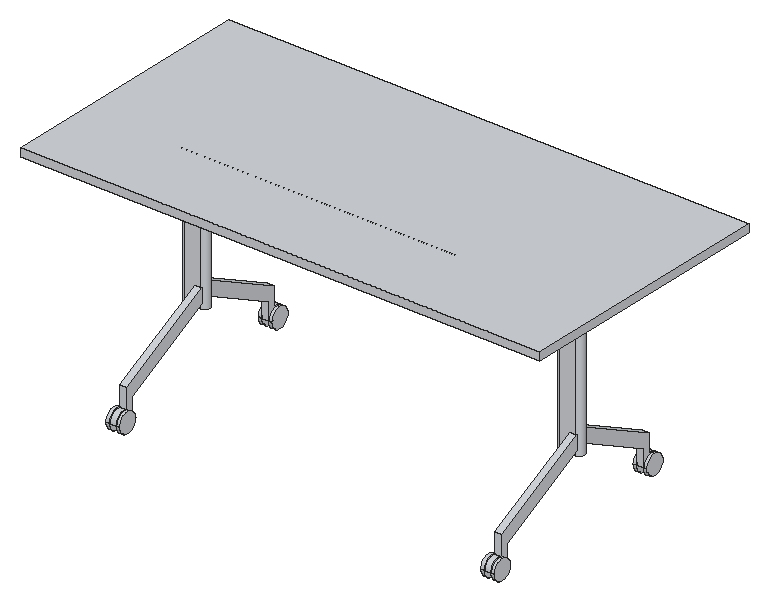
Revit family "Move", category Furniture, Revit 2015
Parameters (values of type "Move A16")
  Wheel material = none
  Uniclass 2.0 Description = ""
  Uniclass 2.0 Code = ""
  Uniclass 1.4 Description = ""
  Uniclass 1.4 Code = ""
  URL = "www.isku.fi"
  UNSPSC Code = ""
  Type Comments = "Available as antimicrobial"  # constant formula
  Talo 2000 Hankenimike = ""
  Table top thickness = 25 mm
  Table top material = none
  Table top depth = 800 mm
  Table top width = 1600 mm
  ProdLibID = ""
  NBS Reference Description = ""
  NBS Reference Code = ""
  Manufacturer = "Isku Oy"  # constant formula
  Leg material = none
  IFC Classification = ""
  EAN Code = ""
  COBIe Type Category = ""
  Author = "ProdLib Oy"  # constant formula
Types (5, lengths in mm): name | Wheel material | Table top material | Table top depth | Table top width | Leg material
  (no name) | none | none | 800 | 1600 | none
  Move A16 | none | none | 800 | 1600 | none
  Move A18 | none | none | 800 | 1800 | none
  Move C16 | none | none | 700 | 1600 | none
  Move C18 | Rubber plastic | White Plywood | 700 | 1800 | Silver
Reference planes
  plane 1 "Center (Front/Back)": y = 0
  plane 2: z = 0
  plane 3 "Center (Left/Right)": x = 0
  plane 4: y = 400
  plane 5: y = -400
  plane 6: x = 800
  plane 7: x = -800
  plane 8: z = 733
  plane 9: z = 708
Forms (mm)
  Extrusion 1, solid, material <- "Leg material"
    sketch origin (0, 0, 0) x (0, 1, 0) y (0, 0, 1)
      loop
        circle (0, 642.995) r 20.003
    from -624 to 624
  Extrusion 2, solid, material <- "Table top material"
    sketch origin (0, 0, 0) x (1, 0, 0) y (0, 1, 0)
      loop
        line (-800, 400) -> (-800, -400) -> (800, -400) -> (800, 400) -> (-800, 400)
    from 708 to 733
Lines and regions (mm)
  symbolic lines
    curve 1: line (800, 400, 0) -> (-800, 400, 0)
    curve 2: line (-800, 400, 0) -> (-800, -400, 0)
    curve 3: line (-800, -400, 0) -> (800, -400, 0)
    curve 4: line (800, -400, 0) -> (800, 400, 0)
Dimensions and locks
  equal spacing: plane 7, plane 3 "Center (Left/Right)", plane 6
  "Table top width": plane 7 to plane 6
  equal spacing: plane 4, plane 1 "Center (Front/Back)", plane 5
  "Table top depth": plane 4 to plane 5
  "Table top thickness": plane 8 to plane 9
  aligned and locked: level to plane 2
  aligned and locked: plane 7 to Extrusion 2 sketch curve
  aligned and locked: Extrusion 2 sketch curve to plane 4
  aligned and locked: Extrusion 2 sketch curve to plane 6
  aligned and locked: plane 5 to Extrusion 2 sketch curve
  aligned and locked: plane 8 to Extrusion 2
  aligned and locked: Extrusion 2 to plane 9
  aligned and locked: curve 1 to Extrusion 2
  aligned and locked: curve 2 to Extrusion 2
  aligned and locked: curve 3 to Extrusion 2
  aligned and locked: curve 4 to Extrusion 2
Automatic sketch dimensions
  Extrusion 1 sketch curve to Extrusion 1 sketch curve = 0 mm  (x2)
  Extrusion 1 sketch curve to plane 1 "Center (Front/Back)" = 0 mm
  level to Extrusion 1 sketch curve = 642.995 mm
  plane 1 "Center (Front/Back)" to Extrusion 1 sketch curve = 20.003 mm
Nested families
  nested 1: "Leg" at (594.5, -15, 0), Wheel material <- "Wheel material", Leg material <- "Leg material", type "Leg"
    with Wheel material none, Leg material none
  nested 2: "Leg" at (-558.5, -15, 0) x (-1, 0, 0) z (0, 0, 1), Wheel material <- "Wheel material", Leg material <- "Leg material", type "Leg"
    with Wheel material none, Leg material none
  nested 3: "Leg" at (558.5, 15, 0), Wheel material <- "Wheel material", Leg material <- "Leg material", type "Leg"
    with Wheel material none, Leg material none
  nested 4: "Leg" at (-594.5, 15, 0) x (-1, 0, 0) z (0, 0, 1), Wheel material <- "Wheel material", Leg material <- "Leg material", type "Leg"
    with Wheel material none, Leg material none
  nested 5: "Knee" at (576.5, 0, 0), Knee material <- "Leg material", type "Knee"
    with Knee material none
  nested 6: "Knee" at (-576.5, 0, 0) x (-1, 0, 0) z (0, 0, 1), Knee material <- "Leg material", type "Knee"
    with Knee material none
Definition of nested family "Leg"
  Parameters
    Wheel material [instance] = none
    Uniclass 2.0 Description = ""
    Uniclass 2.0 Code = ""
    Uniclass 1.4 Description = ""
    Uniclass 1.4 Code = ""
    URL = "www.isku.fi"
    UNSPSC Code = ""
    Talo 2000 Hankenimike = ""
    ProdLibID = ""
    NBS Reference Description = ""
    NBS Reference Code = ""
    Manufacturer = "Isku Oy"  # constant formula
    Leg material [instance] = none
    IFC Classification = ""
    EAN Code = ""
    COBIe Type Category = ""
    Author = "ProdLib Oy"  # constant formula
  Reference planes
    plane 1 "Center (Front/Back)": y = 0
    plane 2: z = 0
    plane 3 "Center (Left/Right)": x = 0
  Forms (mm)
    Extrusion 1, solid, material <- "Leg material"
      sketch origin (-558.5, 15, 0) x (0, -1, 0) y (0, 0, -1)
        loop
          line (285.567, -83.191) -> (15, -221.08) -> (15, -265.915) -> (305.429, -117.97) -> (305.567, -58.284)
          arc (305.567, -58.284) -> (332.887, -54.495) -> (345.567, -30) r 30
          line (345.567, -30) -> (341.567, -30)
          arc (341.567, -30) -> (315.567, -56) -> (289.567, -30) r 26
          line (289.567, -30) -> (285.567, -30) -> (285.567, -83.191)
      from 548.5 to 568.5
    Extrusion 2, solid, material <- "Wheel material"
      sketch origin (-594.5, 15, 0) x (0, 1, 0) y (0, 0, 1)
        loop
          circle (-315.567, 30) r 30
      from 573.5 to 584.5
    Extrusion 3, solid, material <- "Wheel material"
      sketch origin (594.5, 15, 0) x (0, 1, 0) y (0, 0, -1)
        loop
          circle (-315.567, -30) r 30
      from 573.5 to 584.5
  Dimensions and locks
    aligned and locked: level to plane 2
Definition of nested family "Knee"
  Parameters
    Uniclass 2.0 Description = ""
    Uniclass 2.0 Code = ""
    Uniclass 1.4 Description = ""
    Uniclass 1.4 Code = ""
    URL = "www.isku.fi"
    UNSPSC Code = ""
    Talo 2000 Hankenimike = ""
    ProdLibID = ""
    NBS Reference Description = ""
    NBS Reference Code = ""
    Manufacturer = "Isku Oy"  # constant formula
    Knee material [instance] = none
    IFC Classification = ""
    EAN Code = ""
    COBIe Type Category = ""
    Author = "ProdLib Oy"  # constant formula
  Reference planes
    plane 1 "Center (Front/Back)": y = 0
    plane 2: z = 0
    plane 3 "Center (Left/Right)": x = 0
  Forms (mm)
    Sweep 1, solid, material <- "Knee material"
      path origin (-576.5, 0, 0) x (0, 1, 0) y (0, 0, -1)
        loop
          line (0, -643.051) -> (0, -208.051)
      profile origin (-576.5, 0, 425.551) x (-1, 0, 0) y (0, -1, 0)
        loop
          line (-601.5, -15) -> (-551.5, -15)
          arc (-551.5, -15) -> (-536.5, 0) -> (-551.5, 15) r 15
          line (-551.5, 15) -> (-601.5, 15)
          arc (-601.5, 15) -> (-616.5, 0) -> (-601.5, -15) r 15
    Extrusion 2, solid, material <- "Knee material"
      sketch origin (-576.5, 0, 0) x (0, 1, 0) y (0, 0, 1)
        loop
          line (60.26, 678.001) -> (-60.26, 678.001) -> (-60.26, 642.995)
          arc (-60.26, 642.995) -> (0, 582.736) -> (60.26, 642.995) r 60.26
          line (60.26, 642.995) -> (60.26, 678.001)
      from 562 to 591
    Extrusion 3, solid, material <- "Knee material"
      sketch origin (-576.5, 0, 0) x (0, 1, 0) y (0, 0, 1)
        loop
          line (285, 678.001) -> (285, 708.001) -> (-285, 708.001) -> (-285, 678.001) -> (285, 678.001)
      from 551.5 to 601.5
  Dimensions and locks
    aligned and locked: level to plane 2
